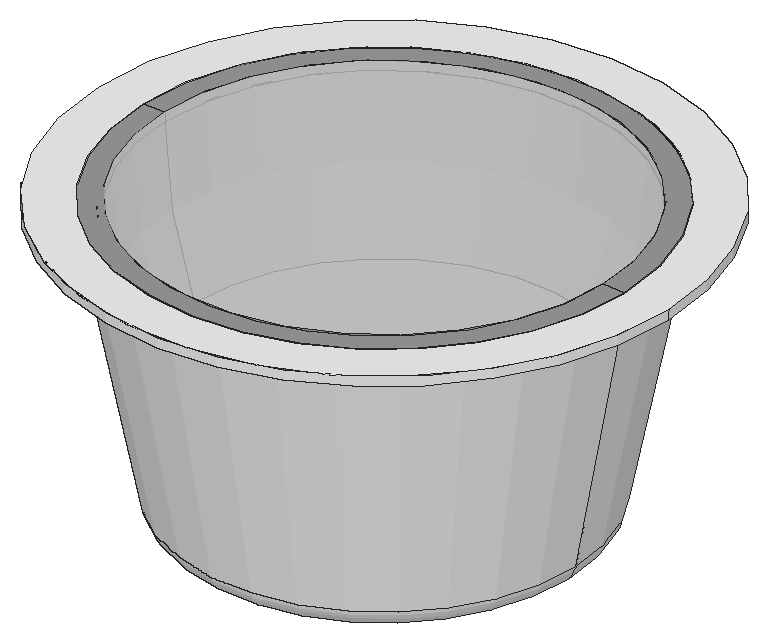
Revit family "2060543 Sylvania Lighting Fixture ASCENT 100 II ARCH 1000 3K DALI EMG 160", category Lighting Fixtures, host Face, Revit 2016
Family settings
  Host = Face
  Part Type = Normal
  Round Connector Dimension = Use Diameter
  OmniClass Number = 23.80.70.11.17
  OmniClass Title = Specialized Lighting by Location or Use
  Cut with Voids When Loaded = No
  Light Source = Yes
  Shared = No
  Room Calculation Point = No
Parameters (values of type "2060543 ASCT100 II ARCH 1000 3K DALI EMG 160 Emergency mode")
  WidthBezelAcc_SYL = 25.0 mm
  Weight = "1.92 kg"
  Wattage = 1.65741 W
  WarrantyStartDate [instance] = "n/a"
  WarrantyGuarantorParts = "n/a"
  WarrantyDurationUnit = "n/a"
  WarrantyDurationParts = "n/a"
  WarrantyDescription = "n/a"
  built-in parameter 1150110 = 1 (stored number, unit not read)
  Voltage = 0 V
  VisibilityAccessory_SYL = no
  TypeName = "ASCT100 II ARCH 1000 3K DALI EMG 160 Emergency mode"
  built-in parameter 1114217 = 1 (stored number, unit not read)
  Tilt Angle = -90°
  built-in parameter 1150109 = 1 (stored number, unit not read)
  built-in parameter 1150134 = (empty or 0)
  built-in parameter 1150113 = 1 (stored number, unit not read)
  SerialNumber [instance] = "n/a"
  ReflectorRadius_SYL = Radius_SYL - 14.5 mm  # 80.0 mm
  RadiusAcc_SYL = 105.0 mm
  Radius_SYL = 94.5 mm
  URL = "http://www.sylvania-lighting.com"
  PowerFactor = 0
  PowerConsumption = "9 W"
  Photometric Web File = "2060543EM.ies"
  NominalWidth = 0.0 mm
  NominalLength = 0.0 mm
  NominalHeight = 94.0 mm
  Name = "ASCT100 II ARCH 1000 3K DALI EMG 160 Emergency mode"
  ModelReference = "ASCT100 II ARCH 1000 3K DALI EMG 160 Emergency mode"
  ModelNumber = "2060543"
  Material_4_SYL = none
  Material_3_SYL = Polycarbonate_Sylvania_Ascent_Opal
  Material_2_SYL = Aluminium_Sylvania_Ascent_Silver
  Material_1_SYL = Aluminum_Sylvania_Ascent_White
  Material = "aluminium housing, arcylic diffuser"
  ManufacturerName = "Feilo Sylvania"
  LuminousEfficacy = "108 lm/W"
  built-in parameter 1150105 = 14.244 (stored number, unit not read)
  Lumens = 179 lm
  LuminaireType = ""
  built-in parameter 1150115 = 1 (stored number, unit not read)
  LightOutputRatio = "100"
  built-in parameter 1150137 = (empty or 0)
  built-in parameter 1150139 = (empty or 0)
  LampsType = Lamp  # "LED"
  LampNominalLuminous = "968 lm"
  LampMacAdamStep = "3"
  LampColourTemperature = "3000 K"
  LampColourRenderingIndex = "80"
  built-in parameter 1150112 = 1 (stored number, unit not read)
  built-in parameter 1150114 = 1 (stored number, unit not read)
  Keynote = "16500"
  InstallationDate [instance] = "n/a"
  InputVoltage = "n/a"
  InputNominalFrequency = "n/a"
  built-in parameter 1150132 = (empty or 0)
  built-in parameter 1150102 = (empty or 0)
  built-in parameter 1150107 = 3000 (stored number, unit not read)
  built-in parameter 1150138 = (empty or 0)
  IngressProtection = "IP40"
  ImpactProtectionIndex = "IK02"
  built-in parameter 1150106 = 0.14244 (stored number, unit not read)
  IfcExportType = "IfcLightFixtureType"
  IfcExportAs = "IfcLightFixtureType"
  Height_SYL = 94.0 mm
  HeightAcc_SYL = 7.0 mm
  ExpectedLife = 50000
  EmittionSurface_SYL = if(VisibilityAccessory_SYL, 7.0 mm, 3.0 mm)  # 3.0 mm
  Emit from Circle Diameter = DiffuserRadius_SYL * 2  # 146.0 mm
  Emit Shape Visible in Rendering = no
  ElectricShockClassification = "Class II"
  built-in parameter 1150104 = 10.034 (stored number, unit not read)
  DurationUnit = "hours"
  DocumentationLiterature = "http://www.sylvania-lighting.com/product/en-int/products/2060543"
  DimmingControlOptions = "n/a"
  Dimming Lamp Color Temperature Shift = <None>
  DiffuserRadius_SYL = ReflectorRadius_SYL - 7.0 mm  # 73.0 mm
  Diameter_SYL = 2 * Radius_SYL  # 189.0 mm
  CutoutDiameter_SYL = Diameter_SYL - 13.0 mm  # 176.0 mm
  CreatedOn = "9/17/2018"
  CreatedBy = "@sylvania-lighting.com"
  Color Filter = 16777215
  built-in parameter 1114216 [instance] = 1 (stored number, unit not read)
  Model = "ASCT100 II ARCH 1000 3K DALI EMG 160 Emergency mode"
  Manufacturer = "Feilo Sylvania"
  Lamp = "LED"
  Description = "Direct LED retro fit for original LED 100 Arch (160) single CFL lamp offering Matching lumen levels and improved light distribution of original LED 100 CFL lamp equivalents Typically half the power consumption compared to CFL Up to 112lm/W 160mm aperture Architectural reflector accepts range of glass accessories from existing LED 100 Arch 160 offering HE, HO and VHO versions equivalent of single 1 x 18W, 1 x 32W, 1 x 42W\r\n Additional VVHO versions which offer the performance circa 2 x 32W equivalent"  # constant formula
  Default Elevation = 0.0 mm
  built-in parameter 1140040 [instance] = 1
  BarCode [instance] = "n/a"
  built-in parameter 1114218 = 1 (stored number, unit not read)
  built-in parameter 1150133 = 10 (stored number, unit not read)
  AssetType = "Fixed"
  AssetIdentifier [instance] = "n/a"
  Assembly Code = "D5020200"
  Apparent Load = 1.65741 VA
  Aperture_SYL = 2 * ReflectorRadius_SYL  # 160.0 mm
Types (2, lengths in mm): name | Wattage | TypeName | Photometric Web File | Name | ModelReference | built-in parameter 1150105 | Lumens | built-in parameter 1150106 | Model | Apparent Load
  2060543 ASCT100 II ARCH 1000 3K DALI EMG 160 Emergency mode | 1.65741 W | "ASCT100 II ARCH 1000 3K DALI EMG 160 Emergency mode" | "2060543EM.ies" | "ASCT100 II ARCH 1000 3K DALI EMG 160 Emergency mode" | "ASCT100 II ARCH 1000 3K DALI EMG 160 Emergency mode" | 14.244 (stored number, unit not read) | 179 lm | 0.14244 (stored number, unit not read) | "ASCT100 II ARCH 1000 3K DALI EMG 160 Emergency mode" | 1.65741 VA
  2060543 ASCT100 II ARCH 1000 3K DALI EMG 160 | 9 W | "ASCENT 100 II ARCH 1000 3K DALI EMG 160" | "2060543.ies" | "ASCENT 100 II ARCH 1000 3K DALI EMG 160" | "ASCENT 100 II ARCH 1000 3K DALI EMG 160" | 77.349 (stored number, unit not read) | 972 lm | 0.77349 (stored number, unit not read) | "ASCENT 100 II ARCH 1000 3K DALI EMG 160" | 9 VA
Reference planes
  plane 1 "Center (Front/Back)": y = 0
  plane 2: z = 0
  plane 3 "Center (Left/Right)": x = 0
  plane 4 "Fixture Bottom": z = 3
  plane 5: z = -52.5
  plane 6 "Fixture Top": z = -91
  plane 7: x = -105
  plane 8: z = 7
  plane 9: x = -80
  plane 10: z = 5
  plane 11: x = -103
Forms (mm)
  Extrusion 1, solid, material "Aluminum_Sylvania_Ascent_White", detail levels fine
    sketch origin (0, 0, 0) x (1, 0, 0) y (0, 1, 0)
      loop
        circle (0, 0) r 94.5
      loop
        circle (0, 0) r 80
    from 0 to 3
  Extrusion 2, void
    sketch origin (0, 0, 0) x (1, 0, 0) y (0, 1, 0)
      loop
        circle (0, 0) r 88
    from -91 to 3
  Revolve 3, solid, material "Aluminum_Sylvania_Ascent_White" <- "Material_1_SYL", detail levels fine
    sketch origin (0, 0, 0) x (1, 0, 0) y (0, 0, 1)
      loop
        line (0, -91.073) -> (0, -89.023) -> (-55.468, -89.014)
        arc (-55.468, -89.014) -> (-59.352, -87.613) -> (-61.54, -84.139) r 6.307
        line (-61.54, -84.139) -> (-77.991, -2.844) -> (-77.991, 0) -> (-80, 0) -> (-80, -3) -> (-63.5, -84.536)
        arc (-63.5, -84.536) -> (-60.643, -89.203) -> (-55.5, -91.073) r 8.291
        line (-55.5, -91.073) -> (0, -91.073)
      axis (0, 0) -> (0, -91.073)
    angle from 0 to 360
  Revolve 4, solid, material "Aluminium_Sylvania_Ascent_Silver" <- "Material_2_SYL", detail levels fine
    sketch origin (0, 0, 0) x (1, 0, 0) y (0, 0, 1)
      loop
        line (-80, 3) -> (-80, 0) -> (-75, 0)
        arc (-75, 0) -> (-72.349, -26.77) -> (-64.5, -52.5) r 136.5
        line (-64.5, -52.5) -> (-58, -52.5)
        arc (-58, -52.5) -> (-56.857, -61.521) -> (-53.5, -69.971) r 36.166
        line (-53.5, -69.971) -> (0, -69.971) -> (0, -50.5) -> (-63.16, -50.5)
        arc (-63.16, -50.5) -> (-70.517, -25.725) -> (-73, 0) r 134.5
        line (-73, 0) -> (-73, 3) -> (-80, 3)
      axis (0, 3) -> (0, -69.971)
    angle from 0 to 360
  Extrusion 5, solid, material "Polycarbonate_Sylvania_Ascent_Opal" <- "Material_3_SYL", detail levels fine
    sketch origin (0, 0, 0) x (1, 0, 0) y (0, 1, 0)
      loop
        circle (0, 0) r 73
    from 0 to 3
  Revolve 6, solid, material "Aluminum_Sylvania_Ascent_White" <- "Material_1_SYL", detail levels coarse+medium
    sketch origin (0, 0, 0) x (1, 0, 0) y (0, 0, 1)
      loop
        line (0, -91.073) -> (0, 3) -> (-94.5, 3) -> (-94.5, 0) -> (-79.5, 0) -> (-79.5, -3) -> (-63, -84.536)
        arc (-63, -84.536) -> (-60.143, -89.203) -> (-55, -91.073) r 8.291
        line (-55, -91.073) -> (0, -91.073)
      axis (0, 3) -> (0, -91.073)
    angle from 0 to 360
  Revolve 7, solid, material "Aluminum_Sylvania_Ascent_White" <- "Material_1_SYL", visible <- "VisibilityAccessory_SYL"
    sketch origin (0, 0, 0) x (1, 0, 0) y (0, 0, 1)
      loop
        line (-105, 0) -> (-103, 0) -> (-103, 5) -> (-80, 5) -> (-80, 7) -> (-105, 7) -> (-105, 0)
      axis (0, 7) -> (0, 0)
    angle from 0 to 360
  Revolve 8, solid, material "Polycarbonate_Sylvania_Ascent_Opal" <- "Material_3_SYL", visible <- "VisibilityAccessory_SYL"
    sketch origin (0, 0, 0) x (1, 0, 0) y (0, 0, 1)
      loop
        line (-80, 7) -> (-80, 5) -> (0, 5) -> (0, 7) -> (-80, 7)
      axis (0, 7) -> (0, 5)
    angle from 0 to 360
Lines and regions (mm)
  reference lines
    curve 1: line (-150, 0, 3) -> (125, 0, 3)
Dimensions and locks
  locked: plane 4 "Fixture Bottom" to plane 2 at 3
  "Height_SYL": plane 4 "Fixture Bottom" to plane 6 "Fixture Top"
  "ReflectorRadius_SYL": plane 3 "Center (Left/Right)" to Revolve 4 sketch curve
  locked: Revolve 4 sketch curve to Revolve 4 sketch curve at 15.5
  locked: Revolve 4 sketch curve to Revolve 4 sketch curve at 5
  locked: Revolve 4 sketch curve to Revolve 4 sketch curve at 7
  locked: Revolve 4 sketch curve to Revolve 4 sketch curve at 22
  locked: Revolve 4 sketch curve to Revolve 4 sketch curve at 26.5
  locked: Revolve 3 sketch curve to Revolve 3 sketch curve at 16.5
  locked: Revolve 3 sketch curve to Revolve 3 sketch curve at 24.5
  "ReflectorRadius_SYL": Revolve 3 sketch curve to plane 3 "Center (Left/Right)"
  locked: Revolve 3 sketch curve to plane 6 "Fixture Top" at 6.464
  locked: plane 2 to Revolve 3 sketch curve at 3
  locked: Revolve 3 sketch curve to Revolve 3 sketch curve at 2
  locked: Revolve 3 sketch curve to Revolve 3 sketch curve at 2.009
  locked: plane 2 to plane 5 at 52.5
  locked: Revolve 6 sketch curve to Revolve 6 sketch curve at 31.5
  locked: Revolve 6 sketch curve to Revolve 6 sketch curve at 39.5
  locked: Revolve 6 sketch curve to Revolve 6 sketch curve at 15
  "Radius_SYL": plane 3 "Center (Left/Right)" to Revolve 6 sketch curve
  "RadiusAcc_SYL": plane 3 "Center (Left/Right)" to plane 7
  "HeightAcc_SYL": plane 8 to level
  "WidthBezelAcc_SYL": plane 7 to plane 9
  locked: plane 7 to plane 11 at 2
  locked: plane 8 to plane 10 at 2
  "EmittionSurface_SYL": curve 1 to level
  "CutoutDiameter_SYL": diameter of Extrusion 2 sketch curve
  "ReflectorRadius_SYL": radius of Extrusion 1 sketch curve
  "DiffuserRadius_SYL": radius of Extrusion 5 sketch curve
  "Radius_SYL": radius of Extrusion 1 sketch curve
  aligned and locked: host face to plane 2
  aligned and locked: host face to level
  aligned and locked: plane 4 "Fixture Bottom" to Extrusion 1
  aligned and locked: Extrusion 1 to plane 2
  aligned and locked: Revolve 3 sketch curve to plane 3 "Center (Left/Right)"
  aligned and locked: Revolve 4 sketch curve to plane 3 "Center (Left/Right)"  (x2)
  aligned and locked: plane 4 "Fixture Bottom" to Revolve 4 sketch curve
  aligned and locked: Extrusion 5 to plane 2
  aligned and locked: plane 2 to Revolve 3 sketch curve  (x2)
  aligned and locked: Revolve 6 sketch curve to plane 3 "Center (Left/Right)"
  aligned and locked: plane 6 "Fixture Top" to Extrusion 2
  aligned and locked: Revolve 7 sketch curve to plane 3 "Center (Left/Right)"
  aligned and locked: host face to Revolve 7 sketch curve  (x2)
  aligned and locked: Revolve 7 sketch curve to plane 7
  aligned and locked: plane 8 to Revolve 7 sketch curve
  aligned and locked: plane 9 to Revolve 7 sketch curve
  aligned and locked: Revolve 7 sketch curve to plane 10
  aligned and locked: plane 11 to Revolve 7 sketch curve
  aligned and locked: Revolve 7 to Revolve 8 sketch curve
  aligned and locked: Revolve 8 sketch curve to Revolve 7  (x2)
  aligned and locked: Revolve 8 sketch curve to plane 3 "Center (Left/Right)"  (x2)
  aligned and locked: plane 3 "Center (Left/Right)" to imposter light
  aligned and locked: imposter light to plane 1 "Center (Front/Back)"
  aligned and locked: imposter light to curve 1
Automatic sketch dimensions
  plane 1 "Center (Front/Back)" to Extrusion 2 sketch curve = 0.0 mm
  Extrusion 2 sketch curve to plane 3 "Center (Left/Right)" = 0.0 mm
  Extrusion 1 sketch curve to Extrusion 1 sketch curve = 0.0 mm  (x2)
  plane 1 "Center (Front/Back)" to Extrusion 1 sketch curve = 0.0 mm
  Extrusion 1 sketch curve to plane 3 "Center (Left/Right)" = 0.0 mm
  plane 6 "Fixture Top" to Revolve 3 sketch curve = 0.073 mm
  Revolve 3 sketch curve to plane 6 "Fixture Top" = 6.861 mm
  Revolve 3 sketch curve to Revolve 3 sketch curve = 0.003 mm
  Revolve 3 sketch curve to Revolve 3 sketch curve = 0.009 mm  (x2)
  Revolve 3 sketch curve to Revolve 3 sketch curve = 0.023 mm
  Revolve 3 sketch curve to Revolve 3 sketch curve = 0.072 mm
  Revolve 3 sketch curve to Revolve 3 sketch curve = 0.008 mm
  Revolve 3 sketch curve to plane 6 "Fixture Top" = 1.977 mm
  Revolve 3 sketch curve to Revolve 3 sketch curve = 33.496 mm
  Revolve 3 sketch curve to Revolve 3 sketch curve = 0.028 mm
  plane 4 "Fixture Bottom" to Revolve 3 sketch curve = 82.431 mm
  Revolve 4 sketch curve to Revolve 4 sketch curve = 0.0 mm  (x2)
  Revolve 4 sketch curve to plane 5 = 0.0 mm
  Revolve 4 sketch curve to level = 0.0 mm
  plane 5 to Revolve 4 sketch curve = 2.0 mm
  plane 4 "Fixture Bottom" to Revolve 4 sketch curve = 9.642 mm
  plane 1 "Center (Front/Back)" to Extrusion 5 sketch curve = 0.0 mm
  Extrusion 5 sketch curve to plane 3 "Center (Left/Right)" = 0.0 mm
  Revolve 4 sketch curve to level = 69.971 mm
  Revolve 4 sketch curve to Revolve 4 sketch curve = 2.387 mm
  Revolve 6 sketch curve to level = 0.0 mm
  Revolve 6 sketch curve to plane 3 "Center (Left/Right)" = 0.0 mm
  Revolve 6 sketch curve to Revolve 6 sketch curve = 8.104 mm
  Revolve 6 sketch curve to level = 3.0 mm
  Revolve 6 sketch curve to plane 6 "Fixture Top" = 6.464 mm
  plane 6 "Fixture Top" to Revolve 6 sketch curve = 0.073 mm
  Revolve 6 sketch curve to Revolve 6 sketch curve = 33.496 mm
  plane 4 "Fixture Bottom" to Revolve 6 sketch curve = 82.431 mm
  host sketch curve to host sketch curve = 1704.996 mm
  host sketch curve to host sketch curve = 1500.0 mm
  plane 6 "Fixture Top" to Revolve 7 sketch curve = 281.274 mm
  Revolve 7 sketch curve to plane 8 = 1140.706 mm
  plane 6 "Fixture Top" to Revolve 8 sketch curve = 281.274 mm
  Revolve 8 sketch curve to Revolve 8 sketch curve = 1140.706 mm
  Revolve 3 sketch curve to plane 3 "Center (Left/Right)" = 0.0 mm
  Revolve 6 sketch curve to plane 4 "Fixture Bottom" = 0.0 mm
  plane 7 to curve 1 = 45.0 mm
  plane 3 "Center (Left/Right)" to curve 1 = 125.0 mm
Connectors
  electrical at (0, 0, -91.073), driven by "Apparent Load"
    settings: on Revolve 3, index 1, voltage 240 V, apparent load 0 VA, apparent load phase1 1.65741 VA, apparent load phase2 0 VA, apparent load phase3 0 VA, power factor 1, load classification "Lighting", number of poles 1, system type 31, power factor state 1, is connector primary yes, connector utility no, sub classification motor no, connector description ""
